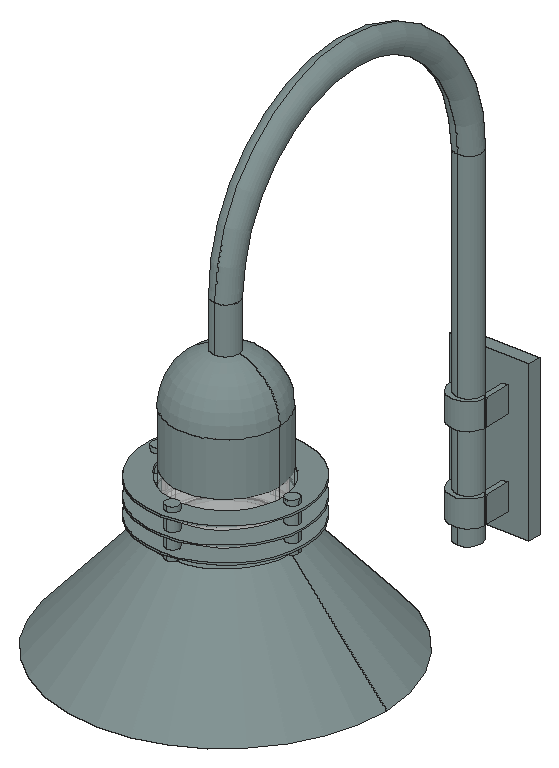
Revit family "UCM", category Lighting Fixtures, Revit 2012
Parameters (values of type "UCM - ATG")
  Wattage Comments = "49W to 79W"  # constant formula
  Wattage = 79 W
  Wall Mount [instance] = WMA12 : WMA12
  Voltage = 120 V
  URL = "www.aal.net"
  Type Comments = "on relamp door. full cutoff"
  Photometric Web [instance] = Web UCM : UCM-BEL-H3-70HPS
  Hood [instance] = Hood : STR
  Default elevation = 0.000"
  Power Factor = 1
  OmniClass Title = "Post-Top Lighting"  # constant formula
  OmniClass Number = "23.80.70.14.11.14"  # constant formula
  Model = "UCM"  # constant formula
  MasterFormat Title = "Area Lighting"  # constant formula
  Manufacturer = "Architectural Area Lighting"  # constant formula
  Lamp = ""
  Housing Material = Aluminum-AAL-Antique Green
  Glass Material = Glass-AAL-Acrylic
  Description = "Lighting Fixture"  # constant formula
  Assembly Code = "D5020200"
  Architectural Design Manual = "http://cdn.aal.net/content/products/psg/psg_files/aal_uc_psg.pdf"
  Apparent Load = 70 VA
Types (14): name | Wall Mount | Photometric Web | Housing Material
  (no name) | WMA12 : WMA12 | Web UCM : UCM-BEL-H3-70HPS | Aluminum-AAL-Antique Green
  UCM - AWT | WMA12 : WMA12 | Web UCM : UCM-BEL-H3-70HPS | Aluminum-AAL-Artic White
  UCM - BLK | WMA12 : WMA12 | Web UCM : UCM-T5-32LED-5K-700 | Aluminum-AAL-Weathered Bronze
  UCM - MTB | WMA24 : WMA24 | Web UCM : UCM-BEL-H3-70HPS | Aluminum-AAL-Matte Black
  UCM - DGN | WMA12 : WMA12 | Web UCM : UCM-BEL-H3-70HPS | Aluminum-AAL-Dark Green
  UCM - DBZ | WMA12 : WMA12 | Web UCM : UCM-BEL-H3-70HPS | Aluminum-AAL-Dark Bronze
  UCM - WRZ | WMA12 : WMA12 | Web UCM : UCM-GR5-100MH | Aluminum-AAL-Weathered Bronze
  UCM - BRM | WMA12 : WMA12 | Web UCM : UCM-BEL-H3-70HPS | Aluminum-AAL-Metalic Bronze
  UCM - VBL | WMA12 : WMA12 | Web UCM : UCM-BEL-H3-70HPS | Aluminum-AAL-Verde Blue
  UCM - CRT | WMA12 : WMA12 | Web UCM : UCM-BEL-H3-70HPS | Aluminum-AAL-Corten
  UCM - MAL | WMA12 : WMA12 | Web UCM : UCM-BEL-H3-70HPS | Aluminum-AAL-Matte
  UCM - MDG | WMA12 : WMA12 | Web UCM : UCM-BEL-H3-70HPS | Aluminum-AAL-Medium Grey
  UCM - ATG | WMA12 : WMA12 | Web UCM : UCM-BEL-H3-70HPS | Aluminum-AAL-Antique Green
  UCM - LGY | WMA12 : WMA12 | Web UCM : UCM-BEL-H3-70HPS | Aluminum-AAL-Light Grey
Reference planes (in)
  plane 1 "Light Source Axis (F/B)": y = 0
  plane 2 "Bottom": z = 0
  plane 3 "Light Source Axis (L/R)": x = 0
  plane 4 "Light Source Elevation": z = 13
  plane 5 "Top": z = 24
Forms (in)
  Revolve 1, solid, material "Aluminum-AAL-Antique Green" <- "Housing Material"
    sketch origin (0.05345, 0.03999, 0.06192) x (1, 0, 0) y (0, 0, 1)
      loop
        arc (3.94655, 20.06641) -> (2.77498, 22.89483) -> (-0.05345, 24.06641) r 4
        line (-0.05345, 24.06641) -> (-0.05345, 16.06641) -> (3.94655, 16.06641) -> (3.94655, 20.06641)
      axis (-0.05345, 24.06641) -> (-0.05345, 16.06641)
    angle from 0 to 360
  Revolve 2, solid, material "Glass-AAL-Acrylic" <- "Glass Material"
    sketch origin (0.05345, 0.03999, 0.06192) x (1, 0, 0) y (0, 0, 1)
      loop
        line (3.94655, 16.06641) -> (3.69655, 16.06641) -> (3.69655, 11.92925) -> (3.94655, 11.92925) -> (3.94655, 16.06641)
      axis (-0.05345, 16.06641) -> (-0.05345, 11.92925)
    angle from 0 to 360
  Extrusion 3, solid, material "Aluminum-AAL-Antique Green" <- "Housing Material"
    sketch origin (0, 0, 14.75) x (0, -1, 0) y (1, 0, 0)
      loop
        circle (0, 0) r 6
      loop
        circle (0, 0) r 4.25
    from 0.64459 to 0.76959
  Extrusion 4, solid, material "Aluminum-AAL-Antique Green" <- "Housing Material"
    sketch origin (0, 0, 13.43711) x (0, -1, 0) y (1, 0, 0)
      loop
        circle (0, 0) r 4.25
      loop
        circle (0, 0) r 6
    from 0.64459 to 0.76959
  Extrusion 5, solid, material "Aluminum-AAL-Antique Green" <- "Housing Material"
    sketch origin (0, 0, 12.2525) x (0, -1, 0) y (1, 0, 0)
      loop
        circle (0, 0) r 4.25
      loop
        circle (0, 0) r 6
    from 0.64459 to 0.76959
  Extrusion 6, solid, material "Aluminum-AAL-Antique Green" <- "Housing Material"
    sketch origin (0, 0, 13) x (0, -1, 0) y (1, 0, 0)
      loop
        circle (-4.97539, 0) r 0.5
    from -0.75357 to 2.83579
  Extrusion 7, solid, material "Aluminum-AAL-Antique Green" <- "Housing Material"
    sketch origin (0, 0, 13) x (1, 0, 0) y (0, 1, 0)
      loop
        circle (-4.97539, 0) r 0.5
    from -0.75357 to 2.83579
  Extrusion 8, solid, material "Aluminum-AAL-Antique Green" <- "Housing Material"
    sketch origin (0, 0, 13) x (0, 1, 0) y (-1, 0, 0)
      loop
        circle (-4.97539, 0) r 0.5
    from -0.75357 to 2.83579
  Extrusion 9, solid, material "Aluminum-AAL-Antique Green" <- "Housing Material"
    sketch origin (0, 0, 13) x (-1, 0, 0) y (0, -1, 0)
      loop
        circle (-4.97539, 0) r 0.5
    from -0.75357 to 2.83579
  Revolve 10, solid, material "Glass-AAL-Acrylic" <- "Glass Material"
    sketch origin (0, 0, 0) x (1, 0, 0) y (0, 0, 1)
      loop
        line (3.75, 12.00168) -> (3.75, 4)
        arc (3.75, 4) -> (2.65165, 1.34835) -> (0, 0.25) r 3.75
        line (0, 0.25) -> (0, 0)
        arc (0, 0) -> (2.82843, 1.17157) -> (4, 4) r 4
        line (4, 4) -> (4, 12.00168) -> (3.75, 12.00168)
      axis (0, 12.00168) -> (0, 0)
    angle from 0 to 360
Dimensions and locks (in)
  "Default elevation": plane 2 "Bottom" to level
  aligned and locked: plane 3 "Light Source Axis (L/R)" to nested 1
  aligned and locked: plane 1 "Light Source Axis (F/B)" to nested 1
  aligned and locked: plane 3 "Light Source Axis (L/R)" to nested 2
  aligned and locked: nested 2 to plane 1 "Light Source Axis (F/B)"
  aligned and locked: plane 1 "Light Source Axis (F/B)" to nested 3
  aligned and locked: plane 3 "Light Source Axis (L/R)" to nested 3
Automatic sketch dimensions
  Revolve 1 sketch curve to plane 3 "Light Source Axis (L/R)" = 0.000"  (x2)
  plane 3 "Light Source Axis (L/R)" to Revolve 1 sketch curve = 4.000"
  level to Revolve 1 sketch curve = 0.06192"
  Revolve 1 sketch curve to plane 4 "Light Source Elevation" = 3.12833"
  Revolve 1 sketch curve to plane 5 "Top" = 3.87167"
  Revolve 1 sketch curve to Revolve 1 sketch curve = 20.8028"
  Revolve 2 sketch curve to plane 3 "Light Source Axis (L/R)" = 0.000"
  plane 4 "Light Source Elevation" to Revolve 2 sketch curve = 1.00883"
  plane 3 "Light Source Axis (L/R)" to Revolve 2 sketch curve = 3.750"
  Revolve 2 sketch curve to Revolve 2 sketch curve = 0.250"
  level to Revolve 2 sketch curve = 1.47013"
  Revolve 2 sketch curve to plane 4 "Light Source Elevation" = 3.12833"
  plane 5 "Top" to Revolve 2 sketch curve = 2.12833"
  Extrusion 3 sketch curve to Extrusion 3 sketch curve = 0.000"  (x2)
  plane 1 "Light Source Axis (F/B)" to Extrusion 3 sketch curve = 0.000"
  Extrusion 3 sketch curve to plane 3 "Light Source Axis (L/R)" = 0.000"
  Extrusion 4 sketch curve to Extrusion 4 sketch curve = 0.000"  (x2)
  plane 1 "Light Source Axis (F/B)" to Extrusion 4 sketch curve = 0.000"
  Extrusion 4 sketch curve to plane 3 "Light Source Axis (L/R)" = 0.000"
  Extrusion 5 sketch curve to Extrusion 5 sketch curve = 0.000"  (x2)
  plane 1 "Light Source Axis (F/B)" to Extrusion 5 sketch curve = 0.000"
  Extrusion 5 sketch curve to plane 3 "Light Source Axis (L/R)" = 0.000"
  Extrusion 8 sketch curve to plane 3 "Light Source Axis (L/R)" = 0.000"
  plane 1 "Light Source Axis (F/B)" to Extrusion 8 sketch curve = 4.97539"
  plane 1 "Light Source Axis (F/B)" to Extrusion 9 sketch curve = 0.000"
  plane 3 "Light Source Axis (L/R)" to Extrusion 9 sketch curve = 4.97539"
  plane 1 "Light Source Axis (F/B)" to Extrusion 7 sketch curve = 0.000"
  Extrusion 7 sketch curve to plane 3 "Light Source Axis (L/R)" = 4.97539"
  Extrusion 6 sketch curve to plane 3 "Light Source Axis (L/R)" = 0.000"
  Extrusion 6 sketch curve to plane 1 "Light Source Axis (F/B)" = 4.97539"
  Revolve 10 sketch curve to Revolve 10 sketch curve = 0.000"  (x2)
  Revolve 10 sketch curve to plane 3 "Light Source Axis (L/R)" = 0.000"  (x2)
  Revolve 10 sketch curve to level = 0.000"
  plane 3 "Light Source Axis (L/R)" to Revolve 10 sketch curve = 3.750"
  Revolve 10 sketch curve to Revolve 10 sketch curve = 0.250"
  Revolve 10 sketch curve to Revolve 10 sketch curve = 3.23041"
  plane 4 "Light Source Elevation" to Revolve 10 sketch curve = 0.99832"
  Revolve 10 sketch curve to plane 4 "Light Source Elevation" = 4.01959"
  radius of Extrusion 3 sketch curve = 6.000"
  radius of Extrusion 3 sketch curve = 4.250"
  radius of Extrusion 4 sketch curve = 4.250"
  radius of Extrusion 4 sketch curve = 6.000"
  radius of Extrusion 5 sketch curve = 4.250"
  radius of Extrusion 5 sketch curve = 6.000"
  radius of Extrusion 6 sketch curve = 0.500"
  radius of Extrusion 7 sketch curve = 0.500"
  radius of Extrusion 8 sketch curve = 0.500"
  radius of Extrusion 9 sketch curve = 0.500"
Nested families (in)
  nested 1: "Hood" at (-0.00649, -0.03999, 0), type <- "Hood", type "STR"
  nested 2: "Web UCM" at (-0.03999, -0.23896, 13) x (0, -1, 0) z (0, 0, -1), type <- "Photometric Web", type "UCM-BEL-H3-70HPS"
  nested 3: "WMA12" at (0, 0, 24), type <- "Wall Mount", type "WMA12"
Definition of nested family "Hood"
  Parameters (values of type "STR")
    Wattage Comments = "0"
    Voltage = 0 V
    URL = ""
    STR = yes
    SKB = no
    Product Page URL = ""
    Product Documentation Link = ""
    Model = ""
    Manufacturer Phone = ""
    Manufacturer Fax = ""
    Manufacturer = ""
    Load Classification = Lighting
    Lamp = "LED"
    Finish = Aluminum-AAL-Weathered Bronze
    FLR = no
    Description = ""
    Default Elevation = 48.000"
    BEL = no
    Apparent Load = 0 VA
    ANG = no
  Types (5): name | STR | SKB | FLR | BEL | ANG
    STR | yes | no | no | no | no
    SKB | no | yes | no | no | no
    FLR | no | no | yes | no | no
    BEL | no | no | no | yes | no
    ANG | no | no | no | no | yes
  Reference planes (in)
    plane 1 "Center (Front/Back)": y = 0.03999
    plane 2: z = 0
    plane 3 "Center (Left/Right)": x = 0.00649
    plane 4: z = 24
    plane 5: z = 4
    plane 6: z = 12
  Forms (in)
    Extrusion 1, solid
      sketch origin (0, 0, 0.06357) x (1, 0, 0) y (0, 1, 0)
        loop
          line (-48, 48) -> (-48, -48) -> (48, -48) -> (48, 48) -> (-48, 48)
      from -0.06357 to -6.06357
    Revolve 2, solid, material "Aluminum-AAL-Weathered Bronze" <- "Finish", visible <- "FLR"
      sketch origin (0, 0.03999, 0) x (1, 0, 0) y (0, 0, 1)
        loop
          line (4.89707, 12) -> (3.75649, 12) -> (3.75649, 11.75) -> (4.70053, 11.75)
          arc (4.70053, 11.75) -> (6.82187, 7.29318) -> (10.4986, 4) r 12.54237
          line (10.4986, 4) -> (11.00649, 4)
          arc (11.00649, 4) -> (7.09535, 7.34597) -> (4.89707, 12) r 12.29237
        axis (0.00649, 12) -> (0.00649, 4)
      angle from 0 to 360
    Revolve 3, solid, material "Aluminum-AAL-Weathered Bronze" <- "Finish", visible <- "SKB"
      sketch origin (0, 0.03999, 0) x (1, 0, 0) y (0, 0, 1)
        loop
          line (4.34255, 12) -> (3.75649, 12) -> (3.75649, 11.75) -> (4.23632, 11.75)
          arc (4.23632, 11.75) -> (7.66193, 7.23499) -> (9.95732, 2.05317) r 24.47718
          line (9.95732, 2.05317) -> (11.68014, 0) -> (12.00649, 0) -> (10.18109, 2.17543)
          arc (10.18109, 2.17543) -> (7.8372, 7.42965) -> (4.34255, 12) r 24.72718
        axis (0.00649, 12) -> (0.00649, 0)
      angle from 0 to 360
    Revolve 4, solid, material "Aluminum-AAL-Weathered Bronze" <- "Finish", visible <- "STR"
      sketch origin (0, 0.03999, 0) x (1, 0, 0) y (0, 0, 1)
        loop
          line (12.00649, 4) -> (4.89707, 12) -> (3.75649, 12) -> (3.75649, 11.75) -> (4.78478, 11.75) -> (11.67204, 4) -> (12.00649, 4)
        axis (0.00649, 12) -> (0.00649, 4)
      angle from 0 to 360
    Revolve 5, solid, material "Aluminum-AAL-Weathered Bronze" <- "Finish", visible <- "BEL"
      sketch origin (0, 0.03999, 0) x (1, 0, 0) y (0, 0, 1)
        loop
          line (11.68014, 3) -> (12.00649, 3) -> (10.18109, 5.17543)
          arc (10.18109, 5.17543) -> (7.82989, 9.07371) -> (4.34255, 12) r 13.86091
          line (4.34255, 12) -> (3.75649, 12) -> (3.75649, 11.75) -> (4.27394, 11.75)
          arc (4.27394, 11.75) -> (7.67501, 8.87001) -> (9.96349, 5.04582) r 13.61091
          line (9.96349, 5.04582) -> (11.68014, 3)
        axis (0.00649, 12) -> (0.00649, 3)
      angle from 0 to 360
    Revolve 6, solid, material "Aluminum-AAL-Weathered Bronze" <- "Finish", visible <- "ANG"
      sketch origin (0, 0.03999, 0) x (1, 0, 0) y (0, 0, 1)
        loop
          line (9.15901, 4) -> (4.86582, 12) -> (3.75649, 12) -> (3.75649, 11.75) -> (4.71625, 11.75) -> (8.87529, 4) -> (9.15901, 4)
        axis (0.00649, 12) -> (0.00649, 4)
      angle from 0 to 360
  Dimensions and locks (in)
    Extrusion 1 sketch curve to plane 1 "Center (Front/Back)" to Extrusion 1 sketch curve = 48.03999", 47.96001"
    Extrusion 1 sketch curve to plane 3 "Center (Left/Right)" to Extrusion 1 sketch curve = 48.00649", 47.99351"
    plane 4 to plane 5 = 20.000"
    aligned and locked: plane 2 to Extrusion 1
    aligned and locked: level to Extrusion 1
Definition of nested family "WMA12"
  Parameters (values of type "WMA12")
    Product Material = none
  Reference planes (in)
    plane 1 "Center (Front/Back)": y = 0
    plane 2: z = 0
    plane 3 "Center (Left/Right)": x = 0
    plane 4: x = -2.95276
    plane 5: x = 2.95276
    plane 6: y = 25.59055
    plane 7: z = -22.6378
    plane 8: z = -10.82677
    plane 9: y = 24.6063
    plane 10: z = 15.74803
  Forms (in)
    Extrusion 1, solid, material <- "Product Material"
      sketch origin (0, 0, 0) x (1, 0, 0) y (0, 0, 1)
        loop
          line (-2.95276, -10.82677) -> (-2.95276, -22.6378) -> (2.95276, -22.6378) -> (2.95276, -10.82677) -> (-2.95276, -10.82677)
      from -25.59055 to -24.6063
    Sweep 2, solid, material <- "Product Material"
      path origin (0, 0, -0.48898) x (0, 1, 0) y (0, 0, 1)
        loop
          line (22.6378, -22.14882) -> (22.6378, 3.93701)
          arc (22.6378, 3.93701) -> (11.3189, 15.25591) -> (0, 3.93701) r 11.3189
          line (0, 3.93701) -> (0, 0.48898)
      profile origin (0, 22.6378, -9.59488) x (0, -1, 0) y (1, 0, 0)
        loop
          circle (0, 0) r 0.98425
    Sweep 3, solid, material <- "Product Material"
      path origin (0, 0, 0) x (1, 0, 0) y (0, 1, 0)
        loop
          line (0.98425, 24.6063) -> (0.98425, 22.6378)
          arc (0.98425, 22.6378) -> (0, 21.65354) -> (-0.98425, 22.6378) r 0.98425
          line (-0.98425, 22.6378) -> (-0.98425, 24.6063)
      profile origin (-0.98425, 23.62205, 0) x (-1, 0, 0) y (0, 0, 1)
        loop
          line (0, -19.24529) -> (0, -21.21379) -> (0.39371, -21.21379) -> (0.39371, -19.24529) -> (0, -19.24529)
    Sweep 4, solid, material <- "Product Material"
      path origin (0, 0, 6.49606) x (1, 0, 0) y (0, 1, 0)
        loop
          line (0.98425, 24.6063) -> (0.98425, 22.6378)
          arc (0.98425, 22.6378) -> (0, 21.65354) -> (-0.98425, 22.6378) r 0.98425
          line (-0.98425, 22.6378) -> (-0.98425, 24.6063)
      profile origin (-0.98425, 23.62205, 6.49606) x (-1, 0, 0) y (0, 0, 1)
        loop
          line (0, -19.24529) -> (0, -21.21379) -> (0.39371, -21.21379) -> (0.39371, -19.24529) -> (0, -19.24529)
  Dimensions and locks (in)
    plane 4 to plane 3 "Center (Left/Right)" = 2.95276"
    equal spacing: plane 4, plane 3 "Center (Left/Right)", plane 5
    plane 6 to plane 1 "Center (Front/Back)" = 25.59055"
    level to plane 7 = 22.6378"
    plane 10 to plane 7 = 38.38583"
    aligned and locked: level to plane 2
    aligned and locked: Extrusion 1 sketch curve to plane 8
    aligned and locked: plane 4 to Extrusion 1 sketch curve
    aligned and locked: plane 7 to Extrusion 1 sketch curve
    aligned and locked: Extrusion 1 sketch curve to plane 5
    aligned and locked: plane 9 to Extrusion 1
  Automatic sketch dimensions
    Sweep 2 sketch curve to plane 1 "Center (Front/Back)" = 0.000"
    Sweep 2 sketch curve to plane 7 = 0.000"
    Sweep 2 sketch curve to level = 0.000"
    level to Sweep 2 sketch curve = 3.44803"
    Sweep 2 sketch curve to Sweep 2 sketch curve = 11.3189"
    Sweep 2 sketch curve to plane 3 "Center (Left/Right)" = 0.000"
    Sweep 2 sketch curve to profile plane = 0.000"
    plane 9 to Sweep 3 sketch curve = 0.000"  (x2)
    Sweep 3 sketch curve to plane 3 "Center (Left/Right)" = 0.000"
    Sweep 3 sketch curve to plane 3 "Center (Left/Right)" = 0.98425"
    Sweep 3 sketch curve to Sweep 3 sketch curve = 1.9685"  (x2)
    Sweep 3 sketch curve to profile plane = 0.000"
    Sweep 3 sketch curve to Sweep 3 sketch curve = 0.3937"
    Sweep 3 sketch curve to level = 21.21379"
    plane 9 to Sweep 4 sketch curve = 0.000"  (x2)
    Sweep 4 sketch curve to plane 3 "Center (Left/Right)" = 0.000"
    Sweep 4 sketch curve to Sweep 4 sketch curve = 0.98425"
    Sweep 4 sketch curve to Sweep 4 sketch curve = 1.9685"  (x2)
    Sweep 4 sketch curve to profile plane = 0.000"
    Sweep 4 sketch curve to Sweep 4 sketch curve = 0.3937"
    Sweep 4 sketch curve to profile plane = 21.21379"
    radius of Sweep 2 sketch curve = 0.98425"
Definition of nested family "Web UCM"
  Parameters (values of type "UCM-T4-32LED-4K-450-HSS")
    Wattage Comments = ""
    Wattage = 32 W
    built-in parameter 1150110 = 1 (stored number, unit not read)
    URL = ""
    built-in parameter 1114217 = 1 (stored number, unit not read)
    Tilt Angle = -90.00°
    built-in parameter 1150109 = 1 (stored number, unit not read)
    built-in parameter 1150134 = (empty or 0)
    built-in parameter 1150113 = 1 (stored number, unit not read)
    Product Page URL = ""
    Product Documentation Link = ""
    Photometric Web File = "UCM-T4-32LED-4K-450-HSS.IES"
    Model = ""
    Manufacturer Phone = ""
    Manufacturer Fax = ""
    Manufacturer = ""
    built-in parameter 1150105 = 206.9 (stored number, unit not read)
    Lumens = 2600 lm
    built-in parameter 1150115 = 1 (stored number, unit not read)
    built-in parameter 1150137 = (empty or 0)
    built-in parameter 1150139 = (empty or 0)
    built-in parameter 1150112 = 1 (stored number, unit not read)
    built-in parameter 1150114 = 1 (stored number, unit not read)
    Lamp = ""
    built-in parameter 1150132 = 1
    built-in parameter 1150102 = (empty or 0)
    built-in parameter 1150107 = 3000 (stored number, unit not read)
    built-in parameter 1150138 = (empty or 0)
    built-in parameter 1150106 = 2.069 (stored number, unit not read)
    Emit from Line Length = 1.000"
    built-in parameter 1150104 = 7.5484 (stored number, unit not read)
    Dimming Lamp Color Temperature Shift = (empty or 0)
    Description = ""
    Default Elevation = 48.000"
    Color Filter = 16777215
    built-in parameter 1114218 = 1 (stored number, unit not read)
    built-in parameter 1150133 = 10 (stored number, unit not read)
  Types (46): name | Photometric Web File
    UCM-BEL-H3-70HPS | "UCM-BEL-H3-70HPS.IES"
    UCM-BEL-H4-70HPS | "UCM-BEL-H4-70HPS.IES"
    UCM-GR3-100MH | "UCM-GR3-100MH.IES"
    UCM-GR5-100MH | "UCM-GR5-100MH.IES"
    UCM-H2-100MH | "UCM-H2-100MH.ies"
    UCM-H2-150HPS | "UCM-H2-150HPS.IES"
    UCM-H2-FTG-150HPS | "UCM-H2-FTG-150HPS.IES"
    UCM-H3-FTG-100MH | "UCM-H3-FTG-100MH.IES"
    UCM-H3-FTG-100PSMH-HSS | "UCM-H3-FTG-100PSMH-HSS.ies"
    UCM-H3-FTG-150MH | "UCM-H3-FTG-150MH.IES"
    UCM-H3-LUM-FLD-150MH | "UCM-H3-LUM-FLD-150MH.IES"
    UCM-H4-150HPS | "UCM-H4-150HPS.IES"
    UCM-H4-150MH | "UCM-H4-150MH.ies"
    UCM-H4-FTG-150HPS | "UCM-H4-FTG-150HPS.IES"
    UCM-H5-FLD-150MH | "UCM-H5-FLD-150MH.IES"
    UCM-H5-FTG-150MH | "UCM-H5-FTG-150MH.IES"
    UCM-T2-32LED-3K-450 | "UCM-T2-32LED-3K-450.IES"
    UCM-T2-32LED-3K-700 | "UCM-T2-32LED-3K-700.IES"
    UCM-T2-32LED-4K-450 | "UCM-T2-32LED-4K-450.IES"
    UCM-T2-32LED-4K-700 | "UCM-T2-32LED-4K-700.IES"
    UCM-T2-32LED-5K-450 | "UCM-T2-32LED-5K-450.IES"
    UCM-T2-32LED-5K-700 | "UCM-T2-32LED-5K-700.IES"
    UCM-T3-32LED-3K-450 | "UCM-T3-32LED-3K-450.IES"
    UCM-T3-32LED-3K-700 | "UCM-T3-32LED-3K-700.IES"
    UCM-T3-32LED-4K-450 | "UCM-T3-32LED-4K-450.IES"
    UCM-T3-32LED-4K-700 | "UCM-T3-32LED-4K-700.IES"
    UCM-T3-32LED-5K-450 | "UCM-T3-32LED-5K-450.IES"
    UCM-T3-32LED-5K-700 | "UCM-T3-32LED-5K-700.IES"
    UCM-T4-32LED-3K-450 | "UCM-T4-32LED-3K-450.IES"
    UCM-T4-32LED-3K-450-HSS | "UCM-T4-32LED-3K-450-HSS.IES"
    UCM-T4-32LED-3K-700-HSS | "UCM-T4-32LED-3K-700.IES"
    UCM-T4-32LED-4K-450 | "UCM-T4-32LED-3K-700-HSS.IES"
    UCM-T4-32LED-4K-450-HSS | "UCM-T4-32LED-4K-450-HSS.IES"
    UCM-T4-32LED-4K-700 | "UCM-T4-32LED-4K-700.IES"
    UCM-T4-32LED-4K-700-HSS | "UCM-T4-32LED-4K-700-HSS.IES"
    UCM-T4-32LED-5K-450 | "UCM-T4-32LED-5K-450.IES"
    UCM-T4-32LED-5K-450-HSS | "UCM-T4-32LED-5K-450-HSS.IES"
    UCM-T4-32LED-5K-700 | "UCM-T4-32LED-5K-700.IES"
    UCM-T4-32LED-5K-700-HSS | "UCM-T4-32LED-5K-700-HSS.IES"
    UCM-T5-32LED-3K-450 | "UCM-T5-32LED-3K-450.IES"
    UCM-T5-32LED-3K-700 | "UCM-T5-32LED-3K-700.IES"
    UCM-T5-32LED-4K-450 | "UCM-T5-32LED-4K-450.IES"
    UCM-T5-32LED-4K-700 | "UCM-T5-32LED-4K-700.IES"
    UCM-T5-32LED-5K-450 | "UCM-T5-32LED-5K-450.IES"
    UCM-T5-32LED-5K-700 | "UCM-T5-32LED-5K-700.IES"
    UCM-OAL-100MH | "UCM-OAL-100MH.IES"
  Reference planes (in)
    plane 1 "Center (Front/Back)": y = 0.03999
    plane 2: z = 0
    plane 3 "Center (Left/Right)": x = -0.23896
  Forms (in)
    Extrusion 1, solid
      sketch origin (0, 0, 0.06357) x (1, 0, 0) y (0, 1, 0)
        loop
          line (-48, 48) -> (-48, -48) -> (48, -48) -> (48, 48) -> (-48, 48)
      from -0.06357 to -6.06357
  Lines and regions (in)
    reference lines
      curve 1: line (-0.23896, 0.03999, 18.11448) -> (-0.23896, 0.03999, -22.88552)
      curve 2: line (-0.23896, 0.03999, 34) -> (-0.23896, 0.03999, -22.88552)
      curve 3: line (-0.23896, 29.03999, 0) -> (-0.23896, -29.96001, 0)
      curve 4: line (-37.23896, 0.03999, 0) -> (40.76104, 0.03999, 0)
  Dimensions and locks (in)
    aligned and locked: plane 2 to Extrusion 1
    aligned and locked: level to Extrusion 1
    aligned and locked: plane 3 "Center (Left/Right)" to imposter light
    aligned and locked: imposter light to plane 1 "Center (Front/Back)"
    aligned and locked: curve 1 to plane 3 "Center (Left/Right)"
    aligned and locked: plane 1 "Center (Front/Back)" to curve 2
    aligned and locked: curve 3 to plane 3 "Center (Left/Right)"
    aligned and locked: plane 1 "Center (Front/Back)" to curve 4
